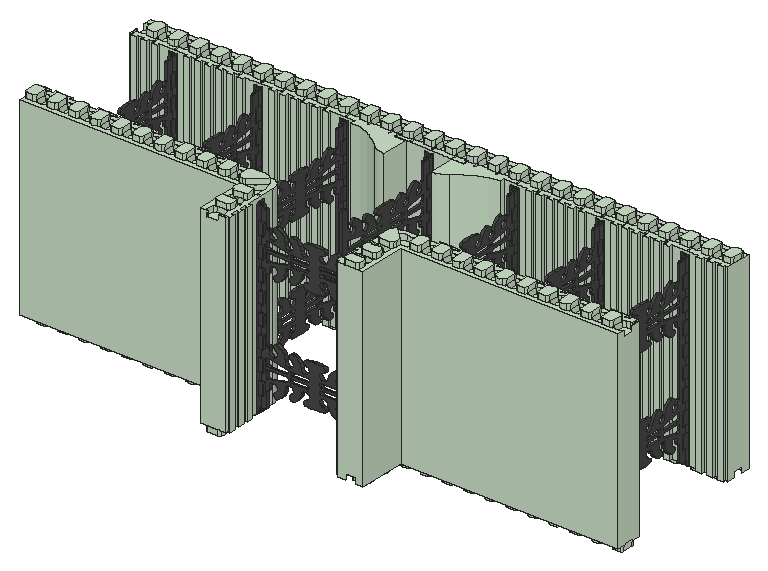
Revit family "ICF- NUDURA 10-inch- Short T Form Unit- Imperial", category Generic Models, Revit 2010 (continued)
Forms (in)
  Extrusion 95, void
    sketch origin (-11.99998, -0.00002, 0) x (0, -1, 0) y (1, 0, 0)
      loop
        arc (-3.80702, 25.93338) -> (-3.88568, 25.98274) -> (-3.97692, 25.99998) r 0.25
        line (-3.97692, 25.99998) -> (-4.89808, 25.99998)
        arc (-4.89808, 25.99998) -> (-5.04517, 25.95213) -> (-5.13595, 25.8269) r 0.25
        arc (-5.13595, 25.8269) -> (-5.1875, 25.49998) -> (-5.13595, 25.17306) r 1.0625
    from 0 to 0.5
  Extrusion 96, void
    sketch origin (-9.99998, -0.00002, 0) x (0, -1, 0) y (1, 0, 0)
      loop
        arc (-5.13595, 25.17306) -> (-5.04517, 25.04783) -> (-4.89808, 24.99998) r 0.25
        line (-4.89808, 24.99998) -> (-3.97692, 24.99998)
        arc (-3.97692, 24.99998) -> (-3.82983, 25.04783) -> (-3.73905, 25.17306) r 0.25
        arc (-3.73905, 25.17306) -> (-3.69045, 25.4209) -> (-3.70172, 25.67321) r 1.0625
        arc (-3.70172, 25.67321) -> (-3.68771, 25.72383) -> (-3.64005, 25.7459) r 0.0625
        line (-3.64005, 25.7459) -> (-3.41845, 25.7459) -> (-3.41845, 25.91673) -> (-3.76455, 25.91673)
        arc (-3.76455, 25.91673) -> (-3.78736, 25.92104) -> (-3.80702, 25.93338) r 0.0625
        arc (-3.80702, 25.93338) -> (-3.88568, 25.98274) -> (-3.97692, 25.99998) r 0.25
        line (-3.97692, 25.99998) -> (-4.89808, 25.99998)
        arc (-4.89808, 25.99998) -> (-5.04517, 25.95213) -> (-5.13595, 25.8269) r 0.25
        arc (-5.13595, 25.8269) -> (-5.1875, 25.49998) -> (-5.13595, 25.17306) r 1.0625
    from 0 to 0.5
  Extrusion 97, void
    sketch origin (-7.99998, -0.00002, 0) x (0, -1, 0) y (1, 0, 0)
      loop
        arc (-5.13595, 25.17306) -> (-5.04517, 25.04783) -> (-4.89808, 24.99998) r 0.25
        line (-4.89808, 24.99998) -> (-3.97692, 24.99998)
        arc (-3.97692, 24.99998) -> (-3.82983, 25.04783) -> (-3.73905, 25.17306) r 0.25
        arc (-3.73905, 25.17306) -> (-3.69045, 25.4209) -> (-3.70172, 25.67321) r 1.0625
        arc (-3.70172, 25.67321) -> (-3.68771, 25.72383) -> (-3.64005, 25.7459) r 0.0625
        line (-3.64005, 25.7459) -> (-3.41845, 25.7459) -> (-3.41845, 25.91673) -> (-3.76455, 25.91673)
        arc (-3.76455, 25.91673) -> (-3.78736, 25.92104) -> (-3.80702, 25.93338) r 0.0625
        arc (-3.80702, 25.93338) -> (-3.88568, 25.98274) -> (-3.97692, 25.99998) r 0.25
        line (-3.97692, 25.99998) -> (-4.89808, 25.99998)
        arc (-4.89808, 25.99998) -> (-5.04517, 25.95213) -> (-5.13595, 25.8269) r 0.25
        arc (-5.13595, 25.8269) -> (-5.1875, 25.49998) -> (-5.13595, 25.17306) r 1.0625
    from 0 to 0.5
  Extrusion 98, void
    sketch origin (-5.99998, -0.00002, 0) x (0, -1, 0) y (1, 0, 0)
      loop
        arc (-5.13595, 25.17306) -> (-5.04517, 25.04783) -> (-4.89808, 24.99998) r 0.25
        line (-4.89808, 24.99998) -> (-3.97692, 24.99998)
        arc (-3.97692, 24.99998) -> (-3.82983, 25.04783) -> (-3.73905, 25.17306) r 0.25
        arc (-3.73905, 25.17306) -> (-3.69045, 25.4209) -> (-3.70172, 25.67321) r 1.0625
        arc (-3.70172, 25.67321) -> (-3.68771, 25.72383) -> (-3.64005, 25.7459) r 0.0625
        line (-3.64005, 25.7459) -> (-3.41845, 25.7459) -> (-3.41845, 25.91673) -> (-3.76455, 25.91673)
        arc (-3.76455, 25.91673) -> (-3.78736, 25.92104) -> (-3.80702, 25.93338) r 0.0625
        arc (-3.80702, 25.93338) -> (-3.88568, 25.98274) -> (-3.97692, 25.99998) r 0.25
        line (-3.97692, 25.99998) -> (-4.89808, 25.99998)
        arc (-4.89808, 25.99998) -> (-5.04517, 25.95213) -> (-5.13595, 25.8269) r 0.25
        arc (-5.13595, 25.8269) -> (-5.1875, 25.49998) -> (-5.13595, 25.17306) r 1.0625
    from 0 to 0.5
  Extrusion 99, void
    sketch origin (-3.99998, -0.00002, 0) x (0, -1, 0) y (1, 0, 0)
      loop
        arc (-5.13595, 25.17306) -> (-5.04517, 25.04783) -> (-4.89808, 24.99998) r 0.25
        line (-4.89808, 24.99998) -> (-3.97692, 24.99998)
        arc (-3.97692, 24.99998) -> (-3.82983, 25.04783) -> (-3.73905, 25.17306) r 0.25
        arc (-3.73905, 25.17306) -> (-3.69045, 25.4209) -> (-3.70172, 25.67321) r 1.0625
        arc (-3.70172, 25.67321) -> (-3.68771, 25.72383) -> (-3.64005, 25.7459) r 0.0625
        line (-3.64005, 25.7459) -> (-3.41845, 25.7459) -> (-3.41845, 25.91673) -> (-3.76455, 25.91673)
        arc (-3.76455, 25.91673) -> (-3.78736, 25.92104) -> (-3.80702, 25.93338) r 0.0625
        arc (-3.80702, 25.93338) -> (-3.88568, 25.98274) -> (-3.97692, 25.99998) r 0.25
        line (-3.97692, 25.99998) -> (-4.89808, 25.99998)
        arc (-4.89808, 25.99998) -> (-5.04517, 25.95213) -> (-5.13595, 25.8269) r 0.25
        arc (-5.13595, 25.8269) -> (-5.1875, 25.49998) -> (-5.13595, 25.17306) r 1.0625
    from 0 to 0.5
  Extrusion 100, void
    sketch origin (-1.99998, -0.00002, 0) x (0, -1, 0) y (1, 0, 0)
      loop
        arc (-5.13595, 25.17306) -> (-5.04517, 25.04783) -> (-4.89808, 24.99998) r 0.25
        line (-4.89808, 24.99998) -> (-3.97692, 24.99998)
        arc (-3.97692, 24.99998) -> (-3.82983, 25.04783) -> (-3.73905, 25.17306) r 0.25
        arc (-3.73905, 25.17306) -> (-3.69045, 25.4209) -> (-3.70172, 25.67321) r 1.0625
        arc (-3.70172, 25.67321) -> (-3.68771, 25.72383) -> (-3.64005, 25.7459) r 0.0625
        line (-3.64005, 25.7459) -> (-3.41845, 25.7459) -> (-3.41845, 25.91673) -> (-3.76455, 25.91673)
        arc (-3.76455, 25.91673) -> (-3.78736, 25.92104) -> (-3.80702, 25.93338) r 0.0625
        arc (-3.80702, 25.93338) -> (-3.88568, 25.98274) -> (-3.97692, 25.99998) r 0.25
        line (-3.97692, 25.99998) -> (-4.89808, 25.99998)
        arc (-4.89808, 25.99998) -> (-5.04517, 25.95213) -> (-5.13595, 25.8269) r 0.25
        arc (-5.13595, 25.8269) -> (-5.1875, 25.49998) -> (-5.13595, 25.17306) r 1.0625
    from 0 to 0.5
  Extrusion 101, void
    sketch origin (0.00002, -0.00002, 0) x (0, -1, 0) y (1, 0, 0)
      loop
        arc (-5.13595, 25.17306) -> (-5.04517, 25.04783) -> (-4.89808, 24.99998) r 0.25
        line (-4.89808, 24.99998) -> (-3.97692, 24.99998)
        arc (-3.97692, 24.99998) -> (-3.82983, 25.04783) -> (-3.73905, 25.17306) r 0.25
        arc (-3.73905, 25.17306) -> (-3.69045, 25.4209) -> (-3.70172, 25.67321) r 1.0625
        arc (-3.70172, 25.67321) -> (-3.68771, 25.72383) -> (-3.64005, 25.7459) r 0.0625
        line (-3.64005, 25.7459) -> (-3.41845, 25.7459) -> (-3.41845, 25.91673) -> (-3.76455, 25.91673)
        arc (-3.76455, 25.91673) -> (-3.78736, 25.92104) -> (-3.80702, 25.93338) r 0.0625
        arc (-3.80702, 25.93338) -> (-3.88568, 25.98274) -> (-3.97692, 25.99998) r 0.25
        line (-3.97692, 25.99998) -> (-4.89808, 25.99998)
        arc (-4.89808, 25.99998) -> (-5.04517, 25.95213) -> (-5.13595, 25.8269) r 0.25
        arc (-5.13595, 25.8269) -> (-5.1875, 25.49998) -> (-5.13595, 25.17306) r 1.0625
    from 0 to 0.5
  Extrusion 102, void
    sketch origin (-49.99998, -0.00002, 0) x (0, -1, 0) y (1, 0, 0)
      loop
        arc (-5.13595, 25.17306) -> (-5.04517, 25.04783) -> (-4.89808, 24.99998) r 0.25
        line (-4.89808, 24.99998) -> (-3.97692, 24.99998)
        arc (-3.97692, 24.99998) -> (-3.82983, 25.04783) -> (-3.73905, 25.17306) r 0.25
        arc (-3.73905, 25.17306) -> (-3.69045, 25.4209) -> (-3.70172, 25.67321) r 1.0625
        arc (-3.70172, 25.67321) -> (-3.68771, 25.72383) -> (-3.64005, 25.7459) r 0.0625
        line (-3.64005, 25.7459) -> (-3.41845, 25.7459) -> (-3.41845, 25.91673) -> (-3.76455, 25.91673)
        arc (-3.76455, 25.91673) -> (-3.78736, 25.92104) -> (-3.80702, 25.93338) r 0.0625
        arc (-3.80702, 25.93338) -> (-3.88568, 25.98274) -> (-3.97692, 25.99998) r 0.25
        line (-3.97692, 25.99998) -> (-4.89808, 25.99998)
        arc (-4.89808, 25.99998) -> (-5.04517, 25.95213) -> (-5.13595, 25.8269) r 0.25
        arc (-5.13595, 25.8269) -> (-5.1875, 25.49998) -> (-5.13595, 25.17306) r 1.0625
    from 0 to 0.5
  Extrusion 103, void
    sketch origin (-47.99998, -0.00002, 0) x (0, -1, 0) y (1, 0, 0)
      loop
        arc (-5.13595, 25.17306) -> (-5.04517, 25.04783) -> (-4.89808, 24.99998) r 0.25
        line (-4.89808, 24.99998) -> (-3.97692, 24.99998)
        arc (-3.97692, 24.99998) -> (-3.82983, 25.04783) -> (-3.73905, 25.17306) r 0.25
        arc (-3.73905, 25.17306) -> (-3.69045, 25.4209) -> (-3.70172, 25.67321) r 1.0625
        arc (-3.70172, 25.67321) -> (-3.68771, 25.72383) -> (-3.64005, 25.7459) r 0.0625
        line (-3.64005, 25.7459) -> (-3.41845, 25.7459) -> (-3.41845, 25.91673) -> (-3.76455, 25.91673)
        arc (-3.76455, 25.91673) -> (-3.78736, 25.92104) -> (-3.80702, 25.93338) r 0.0625
        arc (-3.80702, 25.93338) -> (-3.88568, 25.98274) -> (-3.97692, 25.99998) r 0.25
        line (-3.97692, 25.99998) -> (-4.89808, 25.99998)
        arc (-4.89808, 25.99998) -> (-5.04517, 25.95213) -> (-5.13595, 25.8269) r 0.25
        arc (-5.13595, 25.8269) -> (-5.1875, 25.49998) -> (-5.13595, 25.17306) r 1.0625
    from 0 to 0.5
  Extrusion 104, void
    sketch origin (-45.99998, -0.00002, 0) x (0, -1, 0) y (1, 0, 0)
      loop
        arc (-5.13595, 25.17306) -> (-5.04517, 25.04783) -> (-4.89808, 24.99998) r 0.25
        line (-4.89808, 24.99998) -> (-3.97692, 24.99998)
        arc (-3.97692, 24.99998) -> (-3.82983, 25.04783) -> (-3.73905, 25.17306) r 0.25
        arc (-3.73905, 25.17306) -> (-3.69045, 25.4209) -> (-3.70172, 25.67321) r 1.0625
        arc (-3.70172, 25.67321) -> (-3.68771, 25.72383) -> (-3.64005, 25.7459) r 0.0625
        line (-3.64005, 25.7459) -> (-3.41845, 25.7459) -> (-3.41845, 25.91673) -> (-3.76455, 25.91673)
        arc (-3.76455, 25.91673) -> (-3.78736, 25.92104) -> (-3.80702, 25.93338) r 0.0625
        arc (-3.80702, 25.93338) -> (-3.88568, 25.98274) -> (-3.97692, 25.99998) r 0.25
        line (-3.97692, 25.99998) -> (-4.89808, 25.99998)
        arc (-4.89808, 25.99998) -> (-5.04517, 25.95213) -> (-5.13595, 25.8269) r 0.25
        arc (-5.13595, 25.8269) -> (-5.1875, 25.49998) -> (-5.13595, 25.17306) r 1.0625
    from 0 to 0.5
  Extrusion 105, void
    sketch origin (-43.99998, -0.00002, 0) x (0, -1, 0) y (1, 0, 0)
      loop
        arc (-5.13595, 25.17306) -> (-5.04517, 25.04783) -> (-4.89808, 24.99998) r 0.25
        line (-4.89808, 24.99998) -> (-3.97692, 24.99998)
        arc (-3.97692, 24.99998) -> (-3.82983, 25.04783) -> (-3.73905, 25.17306) r 0.25
        arc (-3.73905, 25.17306) -> (-3.69045, 25.4209) -> (-3.70172, 25.67321) r 1.0625
        arc (-3.70172, 25.67321) -> (-3.68771, 25.72383) -> (-3.64005, 25.7459) r 0.0625
        line (-3.64005, 25.7459) -> (-3.41845, 25.7459) -> (-3.41845, 25.91673) -> (-3.76455, 25.91673)
        arc (-3.76455, 25.91673) -> (-3.78736, 25.92104) -> (-3.80702, 25.93338) r 0.0625
        arc (-3.80702, 25.93338) -> (-3.88568, 25.98274) -> (-3.97692, 25.99998) r 0.25
        line (-3.97692, 25.99998) -> (-4.89808, 25.99998)
        arc (-4.89808, 25.99998) -> (-5.04517, 25.95213) -> (-5.13595, 25.8269) r 0.25
        arc (-5.13595, 25.8269) -> (-5.1875, 25.49998) -> (-5.13595, 25.17306) r 1.0625
    from 0 to 0.5
  Extrusion 106, void
    sketch origin (-41.99998, -0.00002, 0) x (0, -1, 0) y (1, 0, 0)
      loop
        arc (-5.13595, 25.17306) -> (-5.04517, 25.04783) -> (-4.89808, 24.99998) r 0.25
        line (-4.89808, 24.99998) -> (-3.97692, 24.99998)
        arc (-3.97692, 24.99998) -> (-3.82983, 25.04783) -> (-3.73905, 25.17306) r 0.25
        arc (-3.73905, 25.17306) -> (-3.69045, 25.4209) -> (-3.70172, 25.67321) r 1.0625
        arc (-3.70172, 25.67321) -> (-3.68771, 25.72383) -> (-3.64005, 25.7459) r 0.0625
        line (-3.64005, 25.7459) -> (-3.41845, 25.7459) -> (-3.41845, 25.91673) -> (-3.76455, 25.91673)
        arc (-3.76455, 25.91673) -> (-3.78736, 25.92104) -> (-3.80702, 25.93338) r 0.0625
        arc (-3.80702, 25.93338) -> (-3.88568, 25.98274) -> (-3.97692, 25.99998) r 0.25
        line (-3.97692, 25.99998) -> (-4.89808, 25.99998)
        arc (-4.89808, 25.99998) -> (-5.04517, 25.95213) -> (-5.13595, 25.8269) r 0.25
        arc (-5.13595, 25.8269) -> (-5.1875, 25.49998) -> (-5.13595, 25.17306) r 1.0625
    from 0 to 0.5
  Extrusion 107, void
    sketch origin (-39.99998, -0.00002, 0) x (0, -1, 0) y (1, 0, 0)
      loop
        arc (-5.13595, 25.17306) -> (-5.04517, 25.04783) -> (-4.89808, 24.99998) r 0.25
        line (-4.89808, 24.99998) -> (-3.97692, 24.99998)
        arc (-3.97692, 24.99998) -> (-3.82983, 25.04783) -> (-3.73905, 25.17306) r 0.25
        arc (-3.73905, 25.17306) -> (-3.69045, 25.4209) -> (-3.70172, 25.67321) r 1.0625
        arc (-3.70172, 25.67321) -> (-3.68771, 25.72383) -> (-3.64005, 25.7459) r 0.0625
        line (-3.64005, 25.7459) -> (-3.41845, 25.7459) -> (-3.41845, 25.91673) -> (-3.76455, 25.91673)
        arc (-3.76455, 25.91673) -> (-3.78736, 25.92104) -> (-3.80702, 25.93338) r 0.0625
        arc (-3.80702, 25.93338) -> (-3.88568, 25.98274) -> (-3.97692, 25.99998) r 0.25
        line (-3.97692, 25.99998) -> (-4.89808, 25.99998)
        arc (-4.89808, 25.99998) -> (-5.04517, 25.95213) -> (-5.13595, 25.8269) r 0.25
        arc (-5.13595, 25.8269) -> (-5.1875, 25.49998) -> (-5.13595, 25.17306) r 1.0625
    from 0 to 0.5
  Extrusion 108, void
    sketch origin (-37.99998, -0.00002, 0) x (0, -1, 0) y (1, 0, 0)
      loop
        arc (-5.13595, 25.17306) -> (-5.04517, 25.04783) -> (-4.89808, 24.99998) r 0.25
        line (-4.89808, 24.99998) -> (-3.97692, 24.99998)
        arc (-3.97692, 24.99998) -> (-3.82983, 25.04783) -> (-3.73905, 25.17306) r 0.25
        arc (-3.73905, 25.17306) -> (-3.69045, 25.4209) -> (-3.70172, 25.67321) r 1.0625
        arc (-3.70172, 25.67321) -> (-3.68771, 25.72383) -> (-3.64005, 25.7459) r 0.0625
        line (-3.64005, 25.7459) -> (-3.41845, 25.7459) -> (-3.41845, 25.91673) -> (-3.76455, 25.91673)
        arc (-3.76455, 25.91673) -> (-3.78736, 25.92104) -> (-3.80702, 25.93338) r 0.0625
        arc (-3.80702, 25.93338) -> (-3.88568, 25.98274) -> (-3.97692, 25.99998) r 0.25
        line (-3.97692, 25.99998) -> (-4.89808, 25.99998)
        arc (-4.89808, 25.99998) -> (-5.04517, 25.95213) -> (-5.13595, 25.8269) r 0.25
        arc (-5.13595, 25.8269) -> (-5.1875, 25.49998) -> (-5.13595, 25.17306) r 1.0625
    from 0 to 0.5
  Extrusion 109, void
    sketch origin (-35.99998, -0.00002, 0) x (0, -1, 0) y (1, 0, 0)
      loop
        arc (-5.13595, 25.17306) -> (-5.04517, 25.04783) -> (-4.89808, 24.99998) r 0.25
        line (-4.89808, 24.99998) -> (-3.97692, 24.99998)
        arc (-3.97692, 24.99998) -> (-3.82983, 25.04783) -> (-3.73905, 25.17306) r 0.25
        arc (-3.73905, 25.17306) -> (-3.69045, 25.4209) -> (-3.70172, 25.67321) r 1.0625
        arc (-3.70172, 25.67321) -> (-3.68771, 25.72383) -> (-3.64005, 25.7459) r 0.0625
        line (-3.64005, 25.7459) -> (-3.41845, 25.7459) -> (-3.41845, 25.91673) -> (-3.76455, 25.91673)
        arc (-3.76455, 25.91673) -> (-3.78736, 25.92104) -> (-3.80702, 25.93338) r 0.0625
        arc (-3.80702, 25.93338) -> (-3.88568, 25.98274) -> (-3.97692, 25.99998) r 0.25
        line (-3.97692, 25.99998) -> (-4.89808, 25.99998)
        arc (-4.89808, 25.99998) -> (-5.04517, 25.95213) -> (-5.13595, 25.8269) r 0.25
        arc (-5.13595, 25.8269) -> (-5.1875, 25.49998) -> (-5.13595, 25.17306) r 1.0625
    from 0 to 0.5
  Extrusion 110, void
    sketch origin (51.99998, -0.00002, 0) x (0, -1, 0) y (1, 0, 0)
      loop
        arc (-5.13595, -25.17306) -> (-5.1875, -25.49998) -> (-5.13595, -25.8269) r 1.0625
        arc (-5.13595, -25.8269) -> (-5.04517, -25.95213) -> (-4.89808, -25.99998) r 0.25
        line (-4.89808, -25.99998) -> (-3.97692, -25.99998)
        arc (-3.97692, -25.99998) -> (-3.88568, -25.98274) -> (-3.80702, -25.93338) r 0.25
        arc (-3.80702, -25.93338) -> (-3.78736, -25.92104) -> (-3.76455, -25.91673) r 0.0625
        line (-3.76455, -25.91673) -> (-3.41845, -25.91673) -> (-3.41845, -25.7459) -> (-3.64005, -25.7459)
        arc (-3.64005, -25.7459) -> (-3.68771, -25.72383) -> (-3.70172, -25.67321) r 0.0625
        arc (-3.70172, -25.67321) -> (-3.69045, -25.4209) -> (-3.73905, -25.17306) r 1.0625
        arc (-3.73905, -25.17306) -> (-3.82983, -25.04783) -> (-3.97692, -24.99998) r 0.25
        line (-3.97692, -24.99998) -> (-4.89808, -24.99998)
        arc (-4.89808, -24.99998) -> (-5.04517, -25.04783) -> (-5.13595, -25.17306) r 0.25
    from 18 to 17.5
  Extrusion 111, void
    sketch origin (2.00002, -0.00002, 0) x (0, -1, 0) y (1, 0, 0)
      loop
        arc (-5.13595, 25.17306) -> (-5.04517, 25.04783) -> (-4.89808, 24.99998) r 0.25
        line (-4.89808, 24.99998) -> (-3.97692, 24.99998)
        arc (-3.97692, 24.99998) -> (-3.82983, 25.04783) -> (-3.73905, 25.17306) r 0.25
        arc (-3.73905, 25.17306) -> (-3.69045, 25.4209) -> (-3.70172, 25.67321) r 1.0625
        arc (-3.70172, 25.67321) -> (-3.68771, 25.72383) -> (-3.64005, 25.7459) r 0.0625
        line (-3.64005, 25.7459) -> (-3.41845, 25.7459) -> (-3.41845, 25.91673) -> (-3.76455, 25.91673)
        arc (-3.76455, 25.91673) -> (-3.78736, 25.92104) -> (-3.80702, 25.93338) r 0.0625
        arc (-3.80702, 25.93338) -> (-3.88568, 25.98274) -> (-3.97692, 25.99998) r 0.25
        line (-3.97692, 25.99998) -> (-4.89808, 25.99998)
        arc (-4.89808, 25.99998) -> (-5.04517, 25.95213) -> (-5.13595, 25.8269) r 0.25
        arc (-5.13595, 25.8269) -> (-5.1875, 25.49998) -> (-5.13595, 25.17306) r 1.0625
    from 0 to 0.5
  Extrusion 112, solid, material "NUDURA Expanded Polystyrene Foam Insulation"
    sketch origin (0, 0, 0) x (1, 0, 0) y (0, 1, 0)
      loop
        line (5.25, 5.62754) -> (-1.25, 5.62754) -> (-1.25, 5.17633) -> (-1, 5.24332) -> (-1, 4.63633) -> (-1.25, 4.69867) -> (-1.25, 4.17633) -> (-1, 4.24332) -> (-1, 3.63633) -> (-1.25, 3.69867) -> (-1.25, 3.25) -> (5.25, 3.25) -> (5.25, 3.69867) -> (5, 3.63633) -> (5, 4.24332) -> (5.25, 4.17633) -> (5.25, 4.69867) -> (5, 4.63633) -> (5, 5.24332) -> (5.25, 5.17633) -> (5.25, 5.62754)
    from 0 to 18
  Extrusion 113, void
    sketch origin (53.99998, -0.00002, 0) x (0, -1, 0) y (1, 0, 0)
      loop
        arc (-5.13595, -25.17306) -> (-5.1875, -25.49998) -> (-5.13595, -25.8269) r 1.0625
        arc (-5.13595, -25.8269) -> (-5.04517, -25.95213) -> (-4.89808, -25.99998) r 0.25
        line (-4.89808, -25.99998) -> (-3.97692, -25.99998)
        arc (-3.97692, -25.99998) -> (-3.88568, -25.98274) -> (-3.80702, -25.93338) r 0.25
        arc (-3.80702, -25.93338) -> (-3.78736, -25.92104) -> (-3.76455, -25.91673) r 0.0625
        line (-3.76455, -25.91673) -> (-3.41845, -25.91673) -> (-3.41845, -25.7459) -> (-3.64005, -25.7459)
        arc (-3.64005, -25.7459) -> (-3.68771, -25.72383) -> (-3.70172, -25.67321) r 0.0625
        arc (-3.70172, -25.67321) -> (-3.69045, -25.4209) -> (-3.73905, -25.17306) r 1.0625
        arc (-3.73905, -25.17306) -> (-3.82983, -25.04783) -> (-3.97692, -24.99998) r 0.25
        line (-3.97692, -24.99998) -> (-4.89808, -24.99998)
        arc (-4.89808, -24.99998) -> (-5.04517, -25.04783) -> (-5.13595, -25.17306) r 0.25
    from 18 to 17.5
  Extrusion 114, void
    sketch origin (4.00002, -0.00002, 0) x (0, -1, 0) y (1, 0, 0)
      loop
        arc (-5.13595, 25.17306) -> (-5.04517, 25.04783) -> (-4.89808, 24.99998) r 0.25
        line (-4.89808, 24.99998) -> (-3.97692, 24.99998)
        arc (-3.97692, 24.99998) -> (-3.82983, 25.04783) -> (-3.73905, 25.17306) r 0.25
        arc (-3.73905, 25.17306) -> (-3.69045, 25.4209) -> (-3.70172, 25.67321) r 1.0625
        arc (-3.70172, 25.67321) -> (-3.68771, 25.72383) -> (-3.64005, 25.7459) r 0.0625
        line (-3.64005, 25.7459) -> (-3.41845, 25.7459) -> (-3.41845, 25.91673) -> (-3.76455, 25.91673)
        arc (-3.76455, 25.91673) -> (-3.78736, 25.92104) -> (-3.80702, 25.93338) r 0.0625
        arc (-3.80702, 25.93338) -> (-3.88568, 25.98274) -> (-3.97692, 25.99998) r 0.25
        line (-3.97692, 25.99998) -> (-4.89808, 25.99998)
        arc (-4.89808, 25.99998) -> (-5.04517, 25.95213) -> (-5.13595, 25.8269) r 0.25
        arc (-5.13595, 25.8269) -> (-5.1875, 25.49998) -> (-5.13595, 25.17306) r 1.0625
    from 0 to 0.5
Cuts and joins
  Extrusion 2, Extrusion 3, Extrusion 4, Extrusion 5, Extrusion 6, Extrusion 7, Extrusion 8, Extrusion 9, Extrusion 10, Extrusion 11, Extrusion 12, Extrusion 13, Extrusion 14, Extrusion 15, Extrusion 16, Extrusion 17, Extrusion 18, Extrusion 19, Extrusion 20, Extrusion 21, Extrusion 22, Extrusion 23, Extrusion 24, Extrusion 25, Extrusion 26, Extrusion 27, Extrusion 28, Extrusion 29, Extrusion 30, Extrusion 31, Extrusion 32, Extrusion 33, Extrusion 34, Extrusion 35, Extrusion 36, Extrusion 37, Extrusion 38, Extrusion 39, Extrusion 40, Extrusion 41, Extrusion 46, Extrusion 47, Extrusion 48, Extrusion 49, Extrusion 50, Extrusion 51, Extrusion 52, Extrusion 53, Extrusion 54, Extrusion 55, Extrusion 56, Extrusion 57, Extrusion 58, Extrusion 59, Extrusion 60, Extrusion 61, Extrusion 62, Extrusion 63, Extrusion 64, Extrusion 65, Extrusion 66, Extrusion 67, Extrusion 68, Extrusion 69, Extrusion 70, Extrusion 71, Extrusion 72, Extrusion 73, Extrusion 74, Extrusion 75, Extrusion 76, Extrusion 77, Extrusion 78, Extrusion 79, Extrusion 80, Extrusion 81, Extrusion 82, Extrusion 83, Extrusion 84, Extrusion 85, Extrusion 86, Extrusion 87, Extrusion 88, Extrusion 89, Extrusion 90, Extrusion 91, Extrusion 92, Extrusion 93, Extrusion 94, Extrusion 95, Extrusion 96, Extrusion 97, Extrusion 98, Extrusion 99, Extrusion 100, Extrusion 101, Extrusion 102, Extrusion 103, Extrusion 104, Extrusion 105, Extrusion 106, Extrusion 107, Extrusion 108, Extrusion 109, Extrusion 110, Extrusion 111, Extrusion 113, Extrusion 114 cuts Extrusion 1
  Extrusion 54 cuts Extrusion 43
  Extrusion 86 cuts Extrusion 45
  Extrusion 26, Extrusion 27, Extrusion 28, Extrusion 29, Extrusion 36, Extrusion 37, Extrusion 38 cuts Extrusion 112
Lines and regions (in)
  model lines
    curve 1: line (0, 5.62754, 18) -> (0, 5.62754, 0)
    curve 2: line (-2, 5.62754, 0) -> (-2, 5.62754, 18)
Dimensions and locks (in)
  locked: plane 8 to level at 18  (x2)
  locked: plane 5 to plane 4 at 10
  locked: plane 7 to plane 6 at 10
  aligned and locked: plane 8 to Extrusion 1
  aligned and locked: Extrusion 1 to level
  aligned and locked: Extrusion 1 to plane 8
  aligned and locked: plane 2 to level
  aligned: cut or joined group 1 (Extrusion 1, Extrusion 2, Extrusion 3, Extrusion 4, Extrusion 5, Extrusion 6, Extrusion 7, Extrusion 8, Extrusion 9, Extrusion 10, Extrusion 11, Extrusion 12, Extrusion 13, Extrusion 14, Extrusion 15, Extrusion 16, Extrusion 17, Extrusion 18, Extrusion 19, Extrusion 20, Extrusion 21, Extrusion 22, Extrusion 23, Extrusion 24, Extrusion 25, Extrusion 26, Extrusion 27, Extrusion 28, Extrusion 29, Extrusion 30, Extrusion 31, Extrusion 32, Extrusion 33, Extrusion 34, Extrusion 35, Extrusion 36, Extrusion 37, Extrusion 38, Extrusion 39, Extrusion 40, Extrusion 41, Extrusion 46, Extrusion 47, Extrusion 48, Extrusion 49, Extrusion 50, Extrusion 51, Extrusion 52, Extrusion 53, Extrusion 54, Extrusion 55, Extrusion 56, Extrusion 57, Extrusion 58, Extrusion 59, Extrusion 60, Extrusion 61, Extrusion 62, Extrusion 63, Extrusion 64, Extrusion 65, Extrusion 66, Extrusion 67, Extrusion 68, Extrusion 69, Extrusion 70, Extrusion 71, Extrusion 72, Extrusion 73, Extrusion 74, Extrusion 75, Extrusion 76, Extrusion 77, Extrusion 78, Extrusion 79, Extrusion 80, Extrusion 81, Extrusion 82, Extrusion 83, Extrusion 84, Extrusion 85, Extrusion 86, Extrusion 87, Extrusion 88, Extrusion 89, Extrusion 90, Extrusion 91, Extrusion 92, Extrusion 93, Extrusion 94, Extrusion 95, Extrusion 96, Extrusion 97, Extrusion 98, Extrusion 99, Extrusion 100, Extrusion 101, Extrusion 102, Extrusion 103, Extrusion 104, Extrusion 105, Extrusion 106, Extrusion 107, Extrusion 108, Extrusion 109, Extrusion 110, Extrusion 111, Extrusion 113, Extrusion 114) to nested 37
  aligned: nested 39 to cut or joined group 1
  aligned: nested 40 to cut or joined group 1
  aligned: cut or joined group 1 to nested 41
  aligned and locked: cut or joined group 1 to nested 106
  aligned and locked: cut or joined group 1 to nested 107
  aligned and locked: nested 40 to nested 41
  aligned and locked: nested 108 to nested 40
  aligned and locked: cut or joined group 1 to nested 109
  aligned and locked: nested 111 to cut or joined group 1
  aligned and locked: cut or joined group 1 to nested 110
  aligned: nested 112 to cut or joined group 1  (x2)
  aligned: nested 113 to cut or joined group 1
  aligned: nested 114 to cut or joined group 1
  aligned and locked: nested 113 to nested 110
  aligned and locked: nested 127 to cut or joined group of Extrusion 26, Extrusion 27, Extrusion 28, Extrusion 29, Extrusion 36, Extrusion 37, Extrusion 38, Extrusion 112
Nested families (in)
  nested 1: "Interlock Tooth" at (4, -13.99998, 0) x (0, 1, 0) z (0, 0, 1), type "Interlock Tooth"
  nested 2: "Interlock Tooth" at (4, -11.99998, 0) x (0, 1, 0) z (0, 0, 1), type "Interlock Tooth"
  nested 3: "Interlock Tooth" at (0, -12.99998, 0) x (0, 1, 0) z (0, 0, 1), type "Interlock Tooth"
  nested 4: "Interlock Tooth" at (0, -10.99998, 0) x (0, 1, 0) z (0, 0, 1), type "Interlock Tooth"
  nested 5: "Interlock Tooth" at (-10, -3.99998, 0), type "Interlock Tooth"
  nested 6: "Interlock Tooth" at (-8, -3.99998, 0), type "Interlock Tooth"
  nested 7: "Interlock Tooth" at (10, -3.99998, 0), type "Interlock Tooth"
  nested 8: "Interlock Tooth" at (12, -3.99998, 0), type "Interlock Tooth"
  nested 9: "Interlock Tooth" at (-9, -3.99998, -18.5), type "Interlock Tooth"
  nested 10: "Interlock Tooth" at (-7, -3.99998, -18.5), type "Interlock Tooth"
  nested 11: "Interlock Tooth" at (13, -3.99998, -18.5), type "Interlock Tooth"
  nested 12: "Interlock Tooth" at (11, -3.99998, -18.5), type "Interlock Tooth"
  nested 13: "Interlock Tooth" at (0, -12.99998, -18.5) x (0, -1, 0) z (0, 0, 1), type "Interlock Tooth"
  nested 14: "Interlock Tooth" at (0, -10.99998, -18.5) x (0, -1, 0) z (0, 0, 1), type "Interlock Tooth"
  nested 15: "Interlock Tooth" at (4, -12.99998, -18.5) x (0, 1, 0) z (0, 0, 1), type "Interlock Tooth"
  nested 16: "Interlock Tooth" at (4, -10.99998, -18.5) x (0, 1, 0) z (0, 0, 1), type "Interlock Tooth"
  nested 17: "Interlock Tooth" at (-8, -0.00002, 0) x (-1, 0, 0) z (0, 0, 1), type "Interlock Tooth"
  nested 18: "Interlock Tooth" at (-9, -0.00002, -18.5) x (-1, 0, 0) z (0, 0, 1), type "Interlock Tooth"
  nested 19: "Interlock Tooth" at (-6, -0.00002, 0) x (-1, 0, 0) z (0, 0, 1), type "Interlock Tooth"
  nested 20: "Interlock Tooth" at (-7, -0.00002, -18.5) x (-1, 0, 0) z (0, 0, 1), type "Interlock Tooth"
  nested 21: "Interlock Tooth" at (-4, -0.00002, 0) x (-1, 0, 0) z (0, 0, 1), type "Interlock Tooth"
  nested 22: "Interlock Tooth" at (-5, -0.00002, -18.5) x (-1, 0, 0) z (0, 0, 1), type "Interlock Tooth"
  nested 23: "Interlock Tooth" at (-2, -0.00002, 0) x (-1, 0, 0) z (0, 0, 1), type "Interlock Tooth"
  nested 24: "Interlock Tooth" at (-3, -0.00002, -18.5) x (-1, 0, 0) z (0, 0, 1), type "Interlock Tooth"
  nested 25: "Interlock Tooth" at (0, -0.00002, 0) x (-1, 0, 0) z (0, 0, 1), type "Interlock Tooth"
  nested 26: "Interlock Tooth" at (-1, -0.00002, -18.5) x (-1, 0, 0) z (0, 0, 1), type "Interlock Tooth"
  nested 27: "Interlock Tooth" at (2, -0.00002, 0) x (-1, 0, 0) z (0, 0, 1), type "Interlock Tooth"
  nested 28: "Interlock Tooth" at (1, -0.00002, -18.5) x (-1, 0, 0) z (0, 0, 1), type "Interlock Tooth"
  nested 29: "Interlock Tooth" at (4, -0.00002, 0) x (-1, 0, 0) z (0, 0, 1), type "Interlock Tooth"
  nested 30: "Interlock Tooth" at (3, -0.00002, -18.5) x (-1, 0, 0) z (0, 0, 1), type "Interlock Tooth"
  nested 31: "Interlock Tooth" at (6, -0.00002, 0) x (-1, 0, 0) z (0, 0, 1), type "Interlock Tooth"
  nested 32: "Interlock Tooth" at (5, -0.00002, -18.5) x (-1, 0, 0) z (0, 0, 1), type "Interlock Tooth"
  nested 33: "Interlock Tooth" at (8, -0.00002, 0) x (-1, 0, 0) z (0, 0, 1), type "Interlock Tooth"
  nested 34: "Interlock Tooth" at (7, -0.00002, -18.5) x (-1, 0, 0) z (0, 0, 1), type "Interlock Tooth"
  nested 35: "Interlock Tooth" at (10, -0.00002, 0) x (-1, 0, 0) z (0, 0, 1), type "Interlock Tooth"
  nested 36: "Interlock Tooth" at (9, -0.00002, -18.5) x (-1, 0, 0) z (0, 0, 1), type "Interlock Tooth"
  nested 37: "NUDURA Diamond Pattern Missing Two Lines" at (-11.25, -13.99998, 0) x (0, 1, 0) z (0, 0, 1), type "NUDURA Diamond Pattern minus Two lines"
  nested 38: "NUDURA Diamond Pattern Missing Two Lines" at (-10, -4, 0), type "NUDURA Diamond Pattern minus Two lines"
  nested 39: "NUDURA Diamond Pattern Missing Two Lines" at (4, -13.99998, 0) x (0, 1, 0) z (0, 0, 1), type "NUDURA Diamond Pattern minus Two lines"
  nested 40: "NUDURA Logo Diamond" at (21.99744, 5.62754, 0) x (-1, 0, 0) z (0, 0, 1), type "NUDURA Logo Diamond"
  nested 41: "NUDURA Logo Diamond" at (5.99744, 5.62754, 0) x (-1, 0, 0) z (0, 0, 1), type "NUDURA Logo Diamond"
  nested 42: "Interlock Tooth" at (-16, -0.00002, 0) x (-1, 0, 0) z (0, 0, 1), type "Interlock Tooth"
  nested 43: "Interlock Tooth" at (-14, -0.00002, 0) x (-1, 0, 0) z (0, 0, 1), type "Interlock Tooth"
  nested 44: "Interlock Tooth" at (-12, -0.00002, 0) x (-1, 0, 0) z (0, 0, 1), type "Interlock Tooth"
  nested 45: "Interlock Tooth" at (-10, -0.00002, 0) x (-1, 0, 0) z (0, 0, 1), type "Interlock Tooth"
  nested 46: "Interlock Tooth" at (-18, -0.00002, 0) x (-1, 0, 0) z (0, 0, 1), type "Interlock Tooth"
  nested 47: "Interlock Tooth" at (-24, -0.00002, 0) x (-1, 0, 0) z (0, 0, 1), type "Interlock Tooth"
  nested 48: "Interlock Tooth" at (-22, -0.00002, 0) x (-1, 0, 0) z (0, 0, 1), type "Interlock Tooth"
  nested 49: "Interlock Tooth" at (-20, -0.00002, 0) x (-1, 0, 0) z (0, 0, 1), type "Interlock Tooth"
  nested 50: "Interlock Tooth" at (-14, -3.99998, 0), type "Interlock Tooth"
  nested 51: "Interlock Tooth" at (-12, -3.99998, 0), type "Interlock Tooth"
  nested 52: "Interlock Tooth" at (-18, -3.99998, 0), type "Interlock Tooth"
  nested 53: "Interlock Tooth" at (-16, -3.99998, 0), type "Interlock Tooth"
  nested 54: "Interlock Tooth" at (-22, -3.99998, 0), type "Interlock Tooth"
  nested 55: "Interlock Tooth" at (-20, -3.99998, 0), type "Interlock Tooth"
  nested 56: "Interlock Tooth" at (-26, -3.99998, 0), type "Interlock Tooth"
  nested 57: "Interlock Tooth" at (-24, -3.99998, 0), type "Interlock Tooth"
  nested 58: "Interlock Tooth" at (14, -3.99998, 0), type "Interlock Tooth"
  nested 59: "Interlock Tooth" at (16, -3.99998, 0), type "Interlock Tooth"
  nested 60: "Interlock Tooth" at (18, -3.99998, 0), type "Interlock Tooth"
  nested 61: "Interlock Tooth" at (20, -3.99998, 0), type "Interlock Tooth"
  nested 62: "Interlock Tooth" at (22, -3.99998, 0), type "Interlock Tooth"
  nested 63: "Interlock Tooth" at (24, -3.99998, 0), type "Interlock Tooth"
  nested 64: "Interlock Tooth" at (26, -3.99998, 0), type "Interlock Tooth"
  nested 65: "Interlock Tooth" at (28, -3.99998, 0), type "Interlock Tooth"
  nested 66: "Interlock Tooth" at (14, -0.00002, 0) x (-1, 0, 0) z (0, 0, 1), type "Interlock Tooth"
  nested 67: "Interlock Tooth" at (16, -0.00002, 0) x (-1, 0, 0) z (0, 0, 1), type "Interlock Tooth"
  nested 68: "Interlock Tooth" at (18, -0.00002, 0) x (-1, 0, 0) z (0, 0, 1), type "Interlock Tooth"
  nested 69: "Interlock Tooth" at (20, -0.00002, 0) x (-1, 0, 0) z (0, 0, 1), type "Interlock Tooth"
  nested 70: "Interlock Tooth" at (22, -0.00002, 0) x (-1, 0, 0) z (0, 0, 1), type "Interlock Tooth"
  nested 71: "Interlock Tooth" at (24, -0.00002, 0) x (-1, 0, 0) z (0, 0, 1), type "Interlock Tooth"
  nested 72: "Interlock Tooth" at (26, -0.00002, 0) x (-1, 0, 0) z (0, 0, 1), type "Interlock Tooth"
  nested 73: "Interlock Tooth" at (12, -0.00002, 0) x (-1, 0, 0) z (0, 0, 1), type "Interlock Tooth"
  nested 74: "Interlock Tooth" at (-13, -3.99998, -18.5), type "Interlock Tooth"
  nested 75: "Interlock Tooth" at (-11, -3.99998, -18.5), type "Interlock Tooth"
  nested 76: "Interlock Tooth" at (-17, -3.99998, -18.5), type "Interlock Tooth"
  nested 77: "Interlock Tooth" at (-15, -3.99998, -18.5), type "Interlock Tooth"
  nested 78: "Interlock Tooth" at (-21, -3.99998, -18.5), type "Interlock Tooth"
  nested 79: "Interlock Tooth" at (-19, -3.99998, -18.5), type "Interlock Tooth"
  nested 80: "Interlock Tooth" at (-25, -3.99998, -18.5), type "Interlock Tooth"
  nested 81: "Interlock Tooth" at (-23, -3.99998, -18.5), type "Interlock Tooth"
  nested 82: "Interlock Tooth" at (17, -3.99998, -18.5), type "Interlock Tooth"
  nested 83: "Interlock Tooth" at (15, -3.99998, -18.5), type "Interlock Tooth"
  nested 84: "Interlock Tooth" at (21, -3.99998, -18.5), type "Interlock Tooth"
  nested 85: "Interlock Tooth" at (19, -3.99998, -18.5), type "Interlock Tooth"
  nested 86: "Interlock Tooth" at (25, -3.99998, -18.5), type "Interlock Tooth"
  nested 87: "Interlock Tooth" at (23, -3.99998, -18.5), type "Interlock Tooth"
  nested 88: "Interlock Tooth" at (29, -3.99998, -18.5), type "Interlock Tooth"
  nested 89: "Interlock Tooth" at (27, -3.99998, -18.5), type "Interlock Tooth"
  nested 90: "Interlock Tooth" at (11, -0.00002, -18.5) x (-1, 0, 0) z (0, 0, 1), type "Interlock Tooth"
  nested 91: "Interlock Tooth" at (13, -0.00002, -18.5) x (-1, 0, 0) z (0, 0, 1), type "Interlock Tooth"
  nested 92: "Interlock Tooth" at (15, -0.00002, -18.5) x (-1, 0, 0) z (0, 0, 1), type "Interlock Tooth"
  nested 93: "Interlock Tooth" at (17, -0.00002, -18.5) x (-1, 0, 0) z (0, 0, 1), type "Interlock Tooth"
  nested 94: "Interlock Tooth" at (19, -0.00002, -18.5) x (-1, 0, 0) z (0, 0, 1), type "Interlock Tooth"
  nested 95: "Interlock Tooth" at (21, -0.00002, -18.5) x (-1, 0, 0) z (0, 0, 1), type "Interlock Tooth"
  nested 96: "Interlock Tooth" at (23, -0.00002, -18.5) x (-1, 0, 0) z (0, 0, 1), type "Interlock Tooth"
  nested 97: "Interlock Tooth" at (25, -0.00002, -18.5) x (-1, 0, 0) z (0, 0, 1), type "Interlock Tooth"
  nested 98: "Interlock Tooth" at (-25, -0.00002, -18.5) x (-1, 0, 0) z (0, 0, 1), type "Interlock Tooth"
  nested 99: "Interlock Tooth" at (-23, -0.00002, -18.5) x (-1, 0, 0) z (0, 0, 1), type "Interlock Tooth"
  nested 100: "Interlock Tooth" at (-21, -0.00002, -18.5) x (-1, 0, 0) z (0, 0, 1), type "Interlock Tooth"
  nested 101: "Interlock Tooth" at (-19, -0.00002, -18.5) x (-1, 0, 0) z (0, 0, 1), type "Interlock Tooth"
  nested 102: "Interlock Tooth" at (-17, -0.00002, -18.5) x (-1, 0, 0) z (0, 0, 1), type "Interlock Tooth"
  nested 103: "Interlock Tooth" at (-15, -0.00002, -18.5) x (-1, 0, 0) z (0, 0, 1), type "Interlock Tooth"
  nested 104: "Interlock Tooth" at (-13, -0.00002, -18.5) x (-1, 0, 0) z (0, 0, 1), type "Interlock Tooth"
  nested 105: "Interlock Tooth" at (-11, -0.00002, -18.5) x (-1, 0, 0) z (0, 0, 1), type "Interlock Tooth"
  nested 106: "NUDURA Diamond Pattern" at (-26, 11.25254, 0), type "NUDURA Diamond Pattern"
  nested 107: "NUDURA Diamond Pattern" at (-18, 11.25254, 0), type "NUDURA Diamond Pattern"
  nested 108: "NUDURA Diamond Pattern" at (22, 0.00254, 0) x (-1, 0, 0) z (0, 0, 1), type "NUDURA Diamond Pattern"
  nested 109: "NUDURA Diamond Pattern" at (30, 0.00254, 0) x (-1, 0, 0) z (0, 0, 1), type "NUDURA Diamond Pattern"
  nested 110: "NUDURA Logo Diamond" at (14.00256, -9.62244, 0), type "NUDURA Logo Diamond"
  nested 111: "NUDURA Logo Diamond" at (-33.99744, -9.62244, 0), type "NUDURA Logo Diamond"
  nested 112: "NUDURA Diamond Pattern" at (-18, -3.99744, 0), type "NUDURA Diamond Pattern"
  nested 113: "NUDURA Diamond Pattern" at (14, -3.99744, 0), type "NUDURA Diamond Pattern"
  nested 114: "NUDURA Diamond Pattern Missing Left Line" at (6, -3.99744, 0), type "NUDURA Diamond Pattern missing left line"
  nested 115: "Interlock Tooth" at (28, -0.00002, 0) x (-1, 0, 0) z (0, 0, 1), type "Interlock Tooth"
  nested 116: "Interlock Tooth" at (27, -0.00002, -18.5) x (-1, 0, 0) z (0, 0, 1), type "Interlock Tooth"
  nested 117: "Interlock Tooth" at (30, -0.00002, 0) x (-1, 0, 0) z (0, 0, 1), type "Interlock Tooth"
  nested 118: "Interlock Tooth" at (29, -0.00002, -18.5) x (-1, 0, 0) z (0, 0, 1), type "Interlock Tooth"
  nested 119: "10-inch Insert Web" at (-22, -2, 0), type "10-inch Insert Web"
  nested 120: "10-inch Insert Web" at (-14, -2, 0), type "10-inch Insert Web"
  nested 121: "10-inch Insert Web" at (-6, -1.99998, 0), type "10-inch Insert Web"
  nested 122: "10-inch Insert Web" at (10, -1.99998, 0), type "10-inch Insert Web"
  nested 123: "10-inch Insert Web" at (18, -1.99998, 0), type "10-inch Insert Web"
  nested 124: "10-inch Insert Web" at (26, -1.99998, 0), type "10-inch Insert Web"
  nested 125: "10-inch Insert Web w One Fastening Strip" at (2, -2, 0) x (-1, 0, 0) z (0, 0, 1), type "10-inch Insert Web w One Fastening Strip"
  nested 126: "10-inch Insert Web" at (2, -9.99998, 0) x (0, 1, 0) z (0, 0, 1), type "10-inch Insert Web"
  nested 127: "NUDURA Diamond Pattern" at (6, 0.00254, 0) x (-1, 0, 0) z (0, 0, 1), type "NUDURA Diamond Pattern"
Definition of nested family "Interlock Tooth"
  Reference planes (in)
    plane 1 "Center (Front/Back)": y = 0
    plane 2: z = 0
    plane 3 "Center (Left/Right)": x = 0
